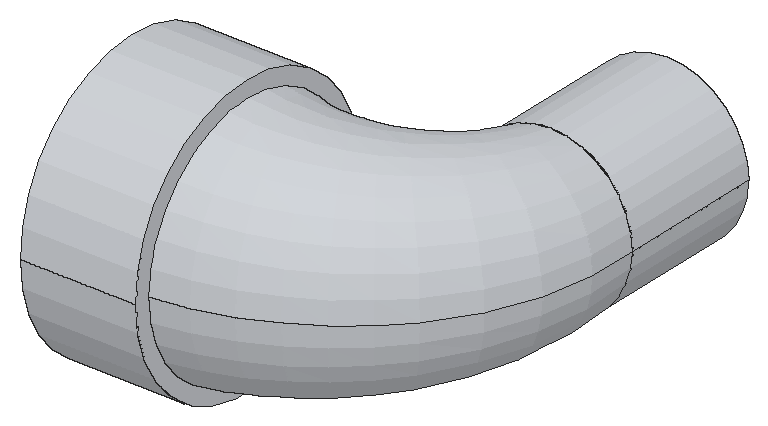
Revit family "M_Cotovelo macho fêmea - Rosqueado - MI - Classe 300", category Conexões de tubo, Revit 2019
Family settings
  Cota do conector redondo = Usar raio
  Tipo de parte = Cotovelo
  Número OmniClass = 23.60.30.11.14
  Título OmniClass = Pipework Fittings
  ID de item do Seek = Elbow Street - Threaded - MI - Class 300-0000-CAN-ENU
  Com base no plano de trabalho = Não
  Sempre na vertical = Sim
  Corte com vazios quando carregada = Não
  Compartilhado = Não
Parameters (values of type "Padrão")
  Tamanho da marca de revisão [instance] = Diâmetro externo da conexão 1 * 0.4  # 8.36 mm
  Espessura do Metal [instance] = size_lookup(Nome da tabela de pesquisa, "MThk", 0.07 * Diâmetro nominal + 3.076 mm, Diâmetro nominal)  # 3.6 mm
  Diâmetro da porta da extremidade macho [instance] = size_lookup(Nome da tabela de pesquisa, "MEPD", 0.85 * Diâmetro nominal + 0.595 mm, Diâmetro nominal)  # 6.6 mm
  Método de perda = Coeficiente K da tabela
  Nome da tabela de pesquisa = "M_Elbow Street - Threaded - MI - Class 300"
  Comprimento 5 [instance] = if(Comprimento 1 > Raio externo da conexão 1 * tan(Ângulo / 2), Comprimento 1, Raio externo da conexão 1 * tan(Ângulo / 2) + 0.794 mm)  # 14.2 mm
  Comprimento 4 [instance] = Comprimento 5 * sin(Ângulo)  # 14.2 mm
  Comprimento 3 [instance] = Comprimento 5 + Comprimento 5 * cos(Ângulo)  # 14.2 mm
  Comprimento 2 [instance] = if(Centro até extremidade macho - Comprimento da rosca externa - Comprimento 1 < 0.794 mm, 0.794 mm, Centro até extremidade macho - Comprimento da rosca externa - Comprimento 1)  # 12.2 mm
  Tabela de coeficiente K = "Cotovelo rosqueado comum de 45, 90 e 180"
  Raio externo da conexão 2 [instance] = Diâmetro externo da conexão 2 / 2  # 6.9 mm
  Raio externo da conexão 1 [instance] = Diâmetro externo da conexão 1 / 2  # 10.45 mm
  Diâmetro externo da conexão 2 [instance] = Diâmetro da porta da extremidade macho + Espessura do Metal * 2  # 13.8 mm
  Diâmetro externo da conexão 1 [instance] = Diâmetro interno da conexão + Espessura do Metal * 2  # 20.9 mm
  Comprimento 1 [instance] = Centro ao final - Largura da fita  # 14.2 mm
  Raio nominal [instance] = 4 mm
  Diâmetro nominal [instance] = Raio nominal * 2  # 8 mm
  Diâmetro interno da conexão [instance] = size_lookup(Nome da tabela de pesquisa, "FID", 1.04 * Diâmetro nominal + 6.648 mm, Diâmetro nominal)  # 13.7 mm
  Comprimento da rosca externa [instance] = size_lookup(Nome da tabela de pesquisa, "ETL", 0.28 * Diâmetro nominal + 8.434 mm, Diâmetro nominal)  # 10.2 mm
  Centro até extremidade macho 2 [instance] = size_lookup(Nome da tabela de pesquisa, "CtME2", 0.95 * Diâmetro nominal + 21.53 mm, Diâmetro nominal)  # 29.2 mm
  Centro até extremidade macho 1 [instance] = size_lookup(Nome da tabela de pesquisa, "CtME1", 1.28 * Diâmetro nominal + 29.964 mm, Diâmetro nominal)  # 36.6 mm
  Centro até extremidade macho [instance] = if(and(Ângulo > 0.00°, (not(Ângulo > 45.00°))), Centro até extremidade macho 2, Centro até extremidade macho 1)  # 36.6 mm
  Centro ao final 1 [instance] = size_lookup(Nome da tabela de pesquisa, "CtE1", 0.86 * Diâmetro nominal + 19.248 mm, Diâmetro nominal)  # 23.9 mm
  Centro ao final 2 [instance] = size_lookup(Nome da tabela de pesquisa, "CtE2", 0.72 * Diâmetro nominal + 14.684 mm, Diâmetro nominal)  # 20.5 mm
  Centro ao final [instance] = if(and(Ângulo > 0.00°, (not(Ângulo > 45.00°))), Centro ao final 2, Centro ao final 1)  # 23.9 mm
  Raio do centro [instance] = Comprimento 5 / tan(Ângulo / 2)  # 14.2 mm
  Largura da fita [instance] = size_lookup(Nome da tabela de pesquisa, "BWid", 0.22 * Diâmetro nominal + 9.624 mm, Diâmetro nominal)  # 9.7 mm
  Raio externo da fita [instance] = Diâmetro externo da fita / 2  # 11.8 mm
  Diâmetro externo da fita [instance] = size_lookup(Nome da tabela de pesquisa, "BOD", 1.29 * Diâmetro nominal + 15.974 mm, Diâmetro nominal)  # 23.6 mm
  Assembly Code = ""
  Ângulo [instance] = 90.00°
Reference planes
  plane 1 "Centro (Frente/Trás)": y = 0
  plane 2: z = 0
  plane 3 "Centro (Esquerda/Direita)": x = 0
  plane 4: x = -14.2
  plane 5: x = 0
  plane 6: y = 14.2
  plane 7: y = 14.2
  plane 8: x = -23.9
Forms (mm)
  SweptBlend 1, solid, detail levels fine
    path in 3D
      loop
        arc (-14.2, 0, 0) -> (-4.159, 4.159, 0) -> (0, 14.2, 0) r 14.2
    profile origin (-14.2, 0, 0) x (0, 1, 0) y (0, 0, 1)
      loop
        circle (0, 0) r 10.45
    end profile origin (0, 14.2, 0) x (-1, 0, 0) y (0, 0, 1)
      loop
        circle (0, 0) r 6.9
  Sweep 2, solid, detail levels fine
    path in 3D
      loop
        line (0, 14.2, 0) -> (0, 26.4, 0)
    profile origin (0, 20.3, 0) x (-1, 0, 0) y (0, 0, 1)
      loop
        circle (0, 0) r 6.9
  Sweep 3, solid, detail levels fine
    path in 3D
      loop
        line (-23.9, 0, 0) -> (-14.2, 0, 0)
    profile origin (-19.05, 0, 0) x (0, 1, 0) y (0, 0, 1)
      loop
        circle (0, 0) r 11.8
Cuts and joins
  joined: SweptBlend 1, Sweep 3
Lines and regions (mm)
  model lines, detail levels coarse+medium
    curve 1: arc (-14.2, 0, 0) -> (-4.159, 4.159, 0) -> (0, 14.2, 0) r 14.2
    curve 2: line (0, 14.2, 0) -> (0, 26.4, 0)
    curve 3: line (-23.9, 0, 0) -> (-14.2, 0, 0)
    curve 8: line (-23.9, 8.36, 0) -> (-23.9, 0, 0)
    curve 9: line (-23.9, -8.36, 0) -> (-23.9, 0, 0)
    curve 10: line (0, 26.4, 0) -> (8.36, 26.4, 0)
    curve 11: line (0, 26.4, 0) -> (-8.36, 26.4, 0)
  sketch lines
    curve 4: arc (-14.2, 0, 0) -> (-4.159, 4.159, 0) -> (0, 14.2, 0) r 14.2
    curve 5: line (0, 14.2, 0) -> (0, 26.4, 0)
    curve 6: line (-23.9, 0, 0) -> (-14.2, 0, 0)
  reference lines
    curve 7: line (-14.2, 0, 0) -> (-23.9, 0, 0)
Dimensions and locks
  "Comprimento 1": plane 4 to plane 3 "Centro (Esquerda/Direita)"
  "Comprimento 4": plane 1 "Centro (Frente/Trás)" to plane 6
  "Comprimento 3": plane 4 to plane 5
  "Raio do centro": plane 7 to plane 1 "Centro (Frente/Trás)"
  "Comprimento 2": curve 2 to curve 2
  "Largura da fita": plane 8 to plane 4
  "Tamanho da marca de revisão": curve 8 to curve 8
  "Tamanho da marca de revisão": curve 9 to curve 9
  "Tamanho da marca de revisão": curve 10 to curve 10
  "Tamanho da marca de revisão": curve 11 to curve 11
  "Raio externo da conexão 1": radius of SweptBlend 1 sketch curve
  "Raio externo da conexão 2": radius of SweptBlend 1 sketch curve
  "Raio externo da conexão 2": radius of Sweep 2 sketch curve
  "Raio externo da fita": radius of Sweep 3 sketch curve
  "Ângulo": angle curve 1 to curve 1
  "Ângulo": angle plane 6 to curve 2
  angle curve 10 to curve 2 = 90.00°
  angle curve 2 to curve 11 = 90.00°
  aligned and locked: plane 7 to curve 1
  aligned and locked: plane 4 to curve 1
  aligned and locked: plane 5 to curve 2
  aligned and locked: plane 8 to curve 3
  aligned and locked: plane 4 to curve 3
  aligned and locked: plane 8 to curve 7
  aligned and locked: curve 7 to plane 1 "Centro (Frente/Trás)"
  aligned and locked: plane 1 "Centro (Frente/Trás)" to curve 8
  aligned and locked: curve 8 to plane 8
  aligned and locked: plane 8 to curve 9
Automatic sketch dimensions
  SweptBlend 1 sketch curve to profile plane = 0 mm  (x4)
  Sweep 2 sketch curve to profile plane = 0 mm  (x2)
  Sweep 3 sketch curve to profile plane = 0 mm  (x2)
  curve 7 to plane 4 = 0 mm
Connectors
  piping at (-23.9, 0, 0), diameter 8, driven by "Raio nominal", driven by "Ângulo"
    settings: on cut or joined group of SweptBlend 1, Sweep 3, index 1, connector inside diameter 8 mm, connector length 0 mm, flow factor 0, pipe flow 0.0 L/s, pressure drop 0.0 Pa, fitting loss kfactor 0, connector angle 90.00°, fixture units 0, engagement length 0 mm, angle of deflection 0.00°, flow configuration 0, flow direction 0, fitting loss method 0, system type 28, joint type 0, gender type 0, connector reference index 2, connector utility 0, adjustable connector no, is connector primary yes, connector description ""
  piping at (0, 26.4, 0), diameter 8, driven by "Raio nominal", driven by "Ângulo"
    settings: on Sweep 2, index 2, connector inside diameter 8 mm, connector length 0 mm, flow factor 0, pipe flow 0.0 L/s, pressure drop 0.0 Pa, fitting loss kfactor 0, connector angle 90.00°, fixture units 0, engagement length 0 mm, angle of deflection 0.00°, flow configuration 0, flow direction 0, fitting loss method 0, system type 28, joint type 0, gender type 0, connector reference index 1, connector utility 0, adjustable connector no, is connector primary no, connector description ""
